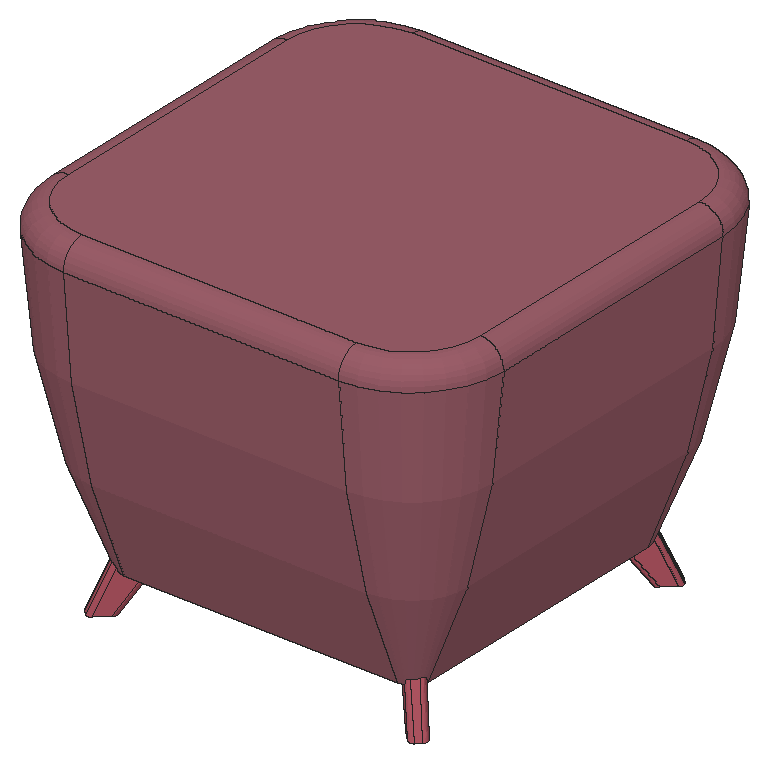
Revit family "FU_Chair_Sandler_DIADEMA 04021", category Furniture, Revit 2020
Family settings
  OmniClass Number = 23.21.23.15.17
  Work Plane-Based = Yes
  Always vertical = No
  Cut with Voids When Loaded = No
  Shared = No
  Room Calculation Point = No
Parameters (values of type "04021")
  Youtube clip = ""
  Uniformat II Description = "Movable Furnishings"
  Uniformat II Code = ""
  Uniclass 2015 Name = ""
  Uniclass 2015 Code = ""
  Uniclass 2.0 Description = ""
  Uniclass 2.0 Code = ""
  Uniclass 1.4 Description = ""
  Uniclass 1.4 Code = ""
  UNSPSC Code = ""
  Technical description = ""
  Shell Material = Fabric - X2 - Subtract AK013
  Frame Material = Wood - Beech - 3003 Red
  Region South America = "All"
  Region Oceania = "All"
  Region North America = "All"
  Region Middle East = "All"
  Region Europe = "All"
  Region Asia = "All"
  Region Antarctica = "All"
  Region Africa = "All"
  QR code = "https://www.sandlerseating.com/product/diadema-04021/"
  Product url = "https://www.sandlerseating.com/product/diadema-04021/"
  Product name = "DIADEMA 04021"
  Product group = "Chair"
  Product family = "Furniture"
  Product data url = "https://www.sandlerseating.com/product/diadema-04021/"
  Product certification = ""
  Product SKU = "??"
  Product Guid = "??"
  OmniClass Description = ""
  OmniClass Code = "23-21 23 15 17"
  NBS Reference Description = ""
  NBS Reference Code = ""
  Model = "DIADEMA 04021"
  Masterformat 2014 Description = "Chair Mats"
  Masterformat 2014 Code = "12 48 43.13"
  Manufacturer name = "Sandler"
  Manufacturer country = "USA"
  Manufacturer = "Sandler"
  Installation instructions = ""
  IFC Classification = "Furnishing Element"
  GTIN code = ""
  Edition number = 1
  Design country = "Brasil"
  Description = "Chair"
  Default Elevation = 0.000 mm
  Date of publishing = ""
  COBIe Type Category = ""
  Brand url = "https://www.sandlerseating.com/"
  BIMobject main category code = "furniture"
  BIMobject main category = "Furniture"
  BIMobject category code = "furniture-chair"
  BIMobject category = "Chair"
Reference planes
  plane 1 "Center Front/Back": y = 0
  plane 2: z = 0
  plane 3 "Center Left/Right": x = 0
Forms (mm)
  Extrusion 1, solid, material "Fabric - X2 - Subtract AK013" <- "Shell Material"
    sketch origin (0, 0, 855) x (-1, 0, 0) y (0, -1, 0)
      loop
        line (149.823, 249.82) -> (-149.072, 249.82)
        arc (-149.072, 249.82) -> (-219.783, 220.531) -> (-249.072, 149.82) r 100
        line (-249.072, 149.82) -> (-249.072, -149.086)
        arc (-249.072, -149.086) -> (-219.783, -219.797) -> (-149.072, -249.086) r 100
        line (-149.072, -249.086) -> (149.823, -249.086)
        arc (149.823, -249.086) -> (220.533, -219.797) -> (249.823, -149.086) r 100
        line (249.823, -149.086) -> (249.823, 149.82)
        arc (249.823, 149.82) -> (220.533, 220.531) -> (149.823, 249.82) r 100
    from -813.059 to -456.62
  Sweep 2, void
    path in 3D
      loop
        arc (-249.823, -149.82, 398.38) -> (-220.533, -220.531, 398.38) -> (-149.823, -249.82, 398.38) r 100
        line (-149.823, -249.82, 398.38) -> (149.072, -249.82, 398.38)
        arc (149.072, -249.82, 398.38) -> (219.783, -220.531, 398.38) -> (249.072, -149.82, 398.38) r 100
        line (249.072, -149.82, 398.38) -> (249.072, 149.086, 398.38)
        arc (249.072, 149.086, 398.38) -> (219.783, 219.797, 398.38) -> (149.072, 249.086, 398.38) r 100
        line (149.072, 249.086, 398.38) -> (-149.823, 249.086, 398.38)
        arc (-149.823, 249.086, 398.38) -> (-220.533, 219.797, 398.38) -> (-249.823, 149.086, 398.38) r 100
        line (-249.823, 149.086, 398.38) -> (-249.823, -149.82, 398.38)
    profile origin (-249.823, -0.367, 398.38) x (1, 0, 0) y (0, 0, 1)
      loop
        arc (0.363, -25.747) -> (7.412, -7.588) -> (25.351, 0) r 25
        line (25.351, 0) -> (25.351, 15) -> (-29.649, 15) -> (-29.649, -383.38) -> (95.029, -383.38)
        arc (95.029, -383.38) -> (27.141, -210.004) -> (0.363, -25.747) r 815.239
  Blend 3, solid, material "Wood - Beech - 3003 Red" <- "Frame Material"
    base sketch origin (-29.309, 28.575, 840) x (-0.707107, 0.707107, 0) y (-0.707107, -0.707107, 0)
      loop
        arc (209.446, -8.891) -> (213.375, -7.263) -> (215.002, -3.335) r 5.556
        line (215.002, -3.335) -> (215.002, 3.604)
        arc (215.002, 3.604) -> (213.333, 7.634) -> (209.303, 9.304) r 5.699
        line (209.303, 9.304) -> (193.083, 9.304)
        arc (193.083, 9.304) -> (189.259, 7.72) -> (187.675, 3.895) r 5.408
        line (187.675, 3.895) -> (187.675, -3.891)
        arc (187.675, -3.891) -> (189.139, -7.426) -> (192.675, -8.891) r 5
        line (192.675, -8.891) -> (209.446, -8.891)
    top sketch origin (-29.309, 28.575, 840) x (-0.707107, 0.707107, 0) y (-0.707107, -0.707107, 0)
      loop
        arc (183.065, -8.891) -> (186.325, -7.54) -> (187.675, -4.281) r 4.61
        line (187.675, -4.281) -> (187.675, 4.304)
        arc (187.675, 4.304) -> (186.21, 7.839) -> (182.675, 9.304) r 5
        line (182.675, 9.304) -> (149.225, 9.304)
        arc (149.225, 9.304) -> (144.653, 7.41) -> (142.759, 2.838) r 6.466
        line (142.759, 2.838) -> (142.759, -2.152)
        arc (142.759, -2.152) -> (144.733, -6.917) -> (149.498, -8.891) r 6.739
        line (149.498, -8.891) -> (183.065, -8.891)
    from -840 to -780
  Blend 4, solid, material "Wood - Beech - 3003 Red" <- "Frame Material"
    base sketch origin (29.309, 28.575, 840) x (0.707107, 0.707107, 0) y (-0.707107, 0.707107, 0)
      loop
        line (209.446, 8.891) -> (192.675, 8.891)
        arc (192.675, 8.891) -> (189.139, 7.426) -> (187.675, 3.891) r 5
        line (187.675, 3.891) -> (187.675, -3.895)
        arc (187.675, -3.895) -> (189.259, -7.72) -> (193.083, -9.304) r 5.408
        line (193.083, -9.304) -> (209.303, -9.304)
        arc (209.303, -9.304) -> (213.333, -7.634) -> (215.002, -3.604) r 5.699
        line (215.002, -3.604) -> (215.002, 3.335)
        arc (215.002, 3.335) -> (213.375, 7.263) -> (209.446, 8.891) r 5.556
    top sketch origin (29.309, 28.575, 840) x (0.707107, 0.707107, 0) y (-0.707107, 0.707107, 0)
      loop
        line (183.065, 8.891) -> (149.498, 8.891)
        arc (149.498, 8.891) -> (144.733, 6.917) -> (142.759, 2.152) r 6.739
        line (142.759, 2.152) -> (142.759, -2.838)
        arc (142.759, -2.838) -> (144.653, -7.41) -> (149.225, -9.304) r 6.466
        line (149.225, -9.304) -> (182.675, -9.304)
        arc (182.675, -9.304) -> (186.21, -7.839) -> (187.675, -4.304) r 5
        line (187.675, -4.304) -> (187.675, 4.281)
        arc (187.675, 4.281) -> (186.325, 7.54) -> (183.065, 8.891) r 4.61
    from -840 to -780
  Blend 5, solid, material "Wood - Beech - 3003 Red" <- "Frame Material"
    base sketch origin (-29.309, -28.575, 840) x (-0.707107, -0.707107, 0) y (0.707107, -0.707107, 0)
      loop
        line (209.446, 8.891) -> (192.675, 8.891)
        arc (192.675, 8.891) -> (189.139, 7.426) -> (187.675, 3.891) r 5
        line (187.675, 3.891) -> (187.675, -3.895)
        arc (187.675, -3.895) -> (189.259, -7.72) -> (193.083, -9.304) r 5.408
        line (193.083, -9.304) -> (209.303, -9.304)
        arc (209.303, -9.304) -> (213.333, -7.634) -> (215.002, -3.604) r 5.699
        line (215.002, -3.604) -> (215.002, 3.335)
        arc (215.002, 3.335) -> (213.375, 7.263) -> (209.446, 8.891) r 5.556
    top sketch origin (-29.309, -28.575, 840) x (-0.707107, -0.707107, 0) y (0.707107, -0.707107, 0)
      loop
        line (183.065, 8.891) -> (149.498, 8.891)
        arc (149.498, 8.891) -> (144.733, 6.917) -> (142.759, 2.152) r 6.739
        line (142.759, 2.152) -> (142.759, -2.838)
        arc (142.759, -2.838) -> (144.653, -7.41) -> (149.225, -9.304) r 6.466
        line (149.225, -9.304) -> (182.675, -9.304)
        arc (182.675, -9.304) -> (186.21, -7.839) -> (187.675, -4.304) r 5
        line (187.675, -4.304) -> (187.675, 4.281)
        arc (187.675, 4.281) -> (186.325, 7.54) -> (183.065, 8.891) r 4.61
    from -840 to -780
  Blend 6, solid, material "Wood - Beech - 3003 Red" <- "Frame Material"
    base sketch origin (29.309, -28.575, 840) x (0.707107, -0.707107, 0) y (0.707107, 0.707107, 0)
      loop
        arc (209.446, -8.891) -> (213.375, -7.263) -> (215.002, -3.335) r 5.556
        line (215.002, -3.335) -> (215.002, 3.604)
        arc (215.002, 3.604) -> (213.333, 7.634) -> (209.303, 9.304) r 5.699
        line (209.303, 9.304) -> (193.083, 9.304)
        arc (193.083, 9.304) -> (189.259, 7.72) -> (187.675, 3.895) r 5.408
        line (187.675, 3.895) -> (187.675, -3.891)
        arc (187.675, -3.891) -> (189.139, -7.426) -> (192.675, -8.891) r 5
        line (192.675, -8.891) -> (209.446, -8.891)
    top sketch origin (29.309, -28.575, 840) x (0.707107, -0.707107, 0) y (0.707107, 0.707107, 0)
      loop
        arc (183.065, -8.891) -> (186.325, -7.54) -> (187.675, -4.281) r 4.61
        line (187.675, -4.281) -> (187.675, 4.304)
        arc (187.675, 4.304) -> (186.21, 7.839) -> (182.675, 9.304) r 5
        line (182.675, 9.304) -> (149.225, 9.304)
        arc (149.225, 9.304) -> (144.653, 7.41) -> (142.759, 2.838) r 6.466
        line (142.759, 2.838) -> (142.759, -2.152)
        arc (142.759, -2.152) -> (144.733, -6.917) -> (149.498, -8.891) r 6.739
        line (149.498, -8.891) -> (183.065, -8.891)
    from -840 to -780
Cuts and joins
  Sweep 2 cuts Extrusion 1
Lines and regions (mm)
  sketch lines
    curve 1: line (-249.823, 149.086, 398.38) -> (-249.823, -149.82, 398.38)
    curve 2: arc (-149.823, -249.82, 398.38) -> (-220.533, -220.531, 398.38) -> (-249.823, -149.82, 398.38) r 100
    curve 3: line (-149.823, -249.82, 398.38) -> (149.072, -249.82, 398.38)
    curve 4: arc (249.072, -149.82, 398.38) -> (219.783, -220.531, 398.38) -> (149.072, -249.82, 398.38) r 100
    curve 5: line (249.072, -149.82, 398.38) -> (249.072, 149.086, 398.38)
    curve 6: arc (149.072, 249.086, 398.38) -> (219.783, 219.797, 398.38) -> (249.072, 149.086, 398.38) r 100
    curve 7: line (149.072, 249.086, 398.38) -> (-149.823, 249.086, 398.38)
    curve 8: arc (-249.823, 149.086, 398.38) -> (-220.533, 219.797, 398.38) -> (-149.823, 249.086, 398.38) r 100
Dimensions and locks
  aligned and locked: level to plane 2
